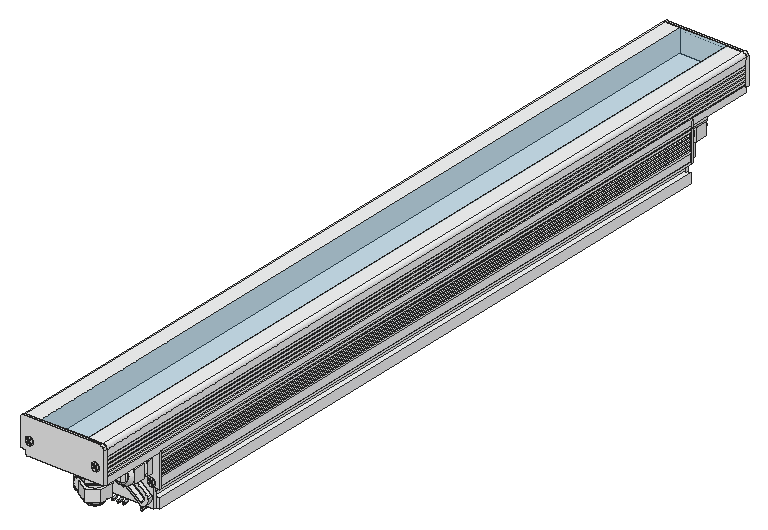
Revit family "ALS600T-AD-4RF", category Lighting Fixtures, Revit 2017
Family settings
  Round Connector Dimension = Use Diameter
  Part Type = Normal
  OmniClass Number = 23.80.70.00
  OmniClass Title = Lighting
  Work Plane-Based = Yes
  Always vertical = Yes
  Cut with Voids When Loaded = No
  Light Source = Yes
  Shared = No
  Room Calculation Point = No
Parameters (values of type "ALS600T-AD")
  Wattage = 9.2903 W
  built-in parameter 1150110 = 1 (stored number, unit not read)
  built-in parameter 1114217 = 1 (stored number, unit not read)
  Tilt Angle = 60.00°
  built-in parameter 1150109 = 1 (stored number, unit not read)
  built-in parameter 1150134 = 3
  built-in parameter 1150113 = 1 (stored number, unit not read)
  Photometric Web File = "generic"
  built-in parameter 1150142 = (empty or 0)
  built-in parameter 1150105 = 109.82 (stored number, unit not read)
  Lumens = 1380 lm
  built-in parameter 1150115 = 1 (stored number, unit not read)
  built-in parameter 1150137 = (empty or 0)
  built-in parameter 1150139 = (empty or 0)
  Length = 24.00"
  built-in parameter 1150112 = 1 (stored number, unit not read)
  built-in parameter 1150114 = 1 (stored number, unit not read)
  built-in parameter 1150132 = (empty or 0)
  built-in parameter 1150102 = (empty or 0)
  built-in parameter 1150107 = 3200 (stored number, unit not read)
  built-in parameter 1150138 = (empty or 0)
  built-in parameter 1150106 = 1.0982 (stored number, unit not read)
  Fixture Cap = Fixture Cap
  Fixture = Fixture
  Emit from Line Length = Length  # 24.00"
  built-in parameter 1150104 = 13.8 (stored number, unit not read)
  Dimming Lamp Color Temperature Shift = <None>
  Default Elevation = 48.00"
  Color Filter = 16777215
  built-in parameter 1114218 = 1 (stored number, unit not read)
  built-in parameter 1150133 = 10 (stored number, unit not read)
Reference planes (in)
  plane 1 "Light Source Axis (F/B)": y = 0
  plane 2: z = 0
  plane 3 "Light Source Axis (L/R)": x = 0
  plane 4 "Light Source Elevation": z = 80
  plane 5: y = 12
  plane 6: y = -12
  plane 7: y = 12.08062
  plane 8: y = -12.08062
  plane 9: y = 10.00382
  plane 10: y = -10.00382
  plane 11: y = -12.08063
  plane 12: y = 12.08063
  plane 13: y = -12.08063
Forms (in)
  Extrusion 1, solid, material "Fixture Cap" <- "Fixture Cap"
    sketch origin (-1.93945, -5.61414, -0.70206) x (1, 0, 0) y (0, 0, -1)
      loop
        line (4.45945, -2.27206) -> (2.17116, -2.27206)
        arc (2.17116, -2.27206) -> (2.12786, -2.29) -> (2.10992, -2.3333) r 0.06125
        line (2.10992, -2.3333) -> (2.10992, -2.43072) -> (1.93945, -2.43072) -> (1.93945, -3.22491)
        arc (1.93945, -3.22491) -> (1.97084, -3.30068) -> (2.0466, -3.33206) r 0.10715
        line (2.0466, -3.33206) -> (4.34703, -3.33206)
        arc (4.34703, -3.33206) -> (4.42653, -3.29913) -> (4.45945, -3.21964) r 0.11242
        line (4.45945, -3.21964) -> (4.45945, -2.27206)
    from -6.38586 to -6.46648
  Extrusion 2, solid, material "Fixture" <- "Fixture"
    sketch origin (-1.34079, -5.61414, -0.98122) x (1, 0, 0) y (0, 0, -1)
      loop
        line (1.44794, -3.61122) -> (1.88285, -3.61122) -> (1.88285, -2.92221) -> (3.32128, -2.92221) -> (3.32128, -3.61122) -> (3.74837, -3.61122)
        arc (3.74837, -3.61122) -> (3.82786, -3.57829) -> (3.86079, -3.4988) r 0.11242
        line (3.86079, -3.4988) -> (3.86079, -3.3122) -> (3.82706, -3.3122) -> (3.82706, -3.2622) -> (3.86079, -3.2622) -> (3.86079, -3.20811) -> (3.82706, -3.20811) -> (3.82706, -3.15811) -> (3.86079, -3.15811) -> (3.86079, -3.10401) -> (3.82706, -3.10401) -> (3.82706, -3.05401) -> (3.86079, -3.05401) -> (3.86079, -2.99992) -> (3.82706, -2.99992) -> (3.82706, -2.94992) -> (3.86079, -2.94992) -> (3.86079, -2.89582) -> (3.82706, -2.89582) -> (3.82706, -2.84582) -> (3.86079, -2.84582) -> (3.86079, -2.79173) -> (3.82706, -2.79173) -> (3.82706, -2.74173) -> (3.86079, -2.74173) -> (3.86079, -2.55122) -> (1.5725, -2.55122)
        arc (1.5725, -2.55122) -> (1.52919, -2.56916) -> (1.51125, -2.61247) r 0.06125
        line (1.51125, -2.61247) -> (1.51125, -2.70989) -> (1.34079, -2.70989) -> (1.34079, -2.74173) -> (1.37451, -2.74173) -> (1.37451, -2.79173) -> (1.34079, -2.79173) -> (1.34079, -2.84582) -> (1.37451, -2.84582) -> (1.37451, -2.89582) -> (1.34079, -2.89582) -> (1.34079, -2.94992) -> (1.37451, -2.94992) -> (1.37451, -2.99992) -> (1.34079, -2.99992) -> (1.34079, -3.05401) -> (1.37451, -3.05401) -> (1.37451, -3.10401) -> (1.34079, -3.10401) -> (1.34079, -3.15811) -> (1.37451, -3.15811) -> (1.37451, -3.20811) -> (1.34079, -3.20811) -> (1.34079, -3.2622) -> (1.37451, -3.2622) -> (1.37451, -3.3122) -> (1.34079, -3.3122) -> (1.34079, -3.50407)
        arc (1.34079, -3.50407) -> (1.37217, -3.57984) -> (1.44794, -3.61122) r 0.10715
    from 17.61414 to -6.38586
  Extrusion 3, solid, material "Fixture Cap" <- "Fixture Cap"
    sketch origin (-1.34079, -5.61414, -2.44308) x (1, 0, 0) y (0, 0, -1)
      loop
        line (3.70079, -2.44308) -> (1.50079, -2.44308) -> (1.50079, -3.00999) -> (1.34079, -3.00999) -> (1.34079, -4.17175) -> (1.51125, -4.17175) -> (1.51125, -4.07433)
        arc (1.51125, -4.07433) -> (1.52919, -4.03102) -> (1.5725, -4.01308) r 0.06125
        line (1.5725, -4.01308) -> (3.86079, -4.01308) -> (3.86079, -3.00999) -> (3.70079, -3.00999) -> (3.70079, -2.44308)
    from -4.33638 to -4.38968
  Extrusion 4, solid, material "Fixture" <- "Fixture"
    sketch origin (-1.34079, -5.61414, -2.23122) x (1, 0, 0) y (0, 0, -1)
      loop
        line (1.50079, -2.23122) -> (1.50079, -2.52699) -> (1.55396, -2.52699) -> (1.55396, -2.68122) -> (1.49852, -2.68122) -> (1.49852, -2.79813) -> (1.34079, -2.79813) -> (1.34079, -2.83813) -> (1.38899, -2.83813) -> (1.38899, -3.09813) -> (1.34079, -3.09813) -> (1.34079, -3.13813) -> (1.38899, -3.13813) -> (1.38899, -3.20813) -> (1.34079, -3.20813) -> (1.34079, -3.24813) -> (1.38899, -3.24813) -> (1.38899, -3.31813) -> (1.34079, -3.31813) -> (1.34079, -3.35813) -> (1.38899, -3.35813) -> (1.38899, -3.42813) -> (1.34079, -3.42813) -> (1.34079, -3.47104) -> (1.38899, -3.47104) -> (1.38899, -3.54104) -> (1.34079, -3.54104) -> (1.34079, -3.58552) -> (1.38899, -3.58552) -> (1.38899, -3.65552) -> (1.34079, -3.65552) -> (1.34079, -3.69552) -> (1.38899, -3.69552) -> (1.38899, -3.80122) -> (1.34079, -3.80122) -> (1.34079, -3.95989) -> (1.51125, -3.95989) -> (1.51125, -3.86247)
        arc (1.51125, -3.86247) -> (1.52919, -3.81916) -> (1.5725, -3.80122) r 0.06125
        line (1.5725, -3.80122) -> (3.86079, -3.80122) -> (3.86079, -3.76261) -> (3.81259, -3.76261) -> (3.81259, -3.69261) -> (3.86079, -3.69261) -> (3.86079, -3.65261) -> (3.81259, -3.65261) -> (3.81259, -3.58261) -> (3.86079, -3.58261) -> (3.86079, -3.53813) -> (3.81259, -3.53813) -> (3.81259, -3.46813) -> (3.86079, -3.46813) -> (3.86079, -3.42813) -> (3.81259, -3.42813) -> (3.81259, -3.35813) -> (3.86079, -3.35813) -> (3.86079, -3.31813) -> (3.81259, -3.31813) -> (3.81259, -3.24813) -> (3.86079, -3.24813) -> (3.86079, -3.20813) -> (3.81259, -3.20813) -> (3.81259, -3.13813) -> (3.86079, -3.13813) -> (3.86079, -3.09813) -> (3.81259, -3.09813) -> (3.81259, -2.83813) -> (3.86079, -2.83813) -> (3.86079, -2.79813) -> (3.70305, -2.79813) -> (3.70305, -2.68122) -> (3.64761, -2.68122) -> (3.64761, -2.52699) -> (3.82706, -2.52699) -> (3.82706, -2.23122) -> (1.50079, -2.23122)
    from 15.56414 to -4.33638
  Extrusion 5, solid, material "Fixture Cap" <- "Fixture Cap"
    sketch origin (3.32368, -0.05314, 14.37879) x (0.992263, -0.124157, 0) y (0.124157, 0.992263, 0)
      loop
        line (0.35367, -11.80294) -> (0.30685, -11.42158) -> (-0.04682, -11.27146) -> (-0.35367, -11.50269) -> (-0.30685, -11.88404) -> (0.04682, -12.03416) -> (0.35367, -11.80294)
    from -13.48897 to -13.13897
  Extrusion 6, solid, material "Fixture Cap" <- "Fixture Cap"
    sketch origin (3.32368, -0.05314, 0.5) x (0.992263, -0.124157, 0) y (0.124157, 0.992263, 0)
      loop
        line (0.35367, -11.80294) -> (0.30685, -11.42158) -> (-0.04682, -11.27146) -> (-0.35367, -11.50269) -> (-0.30685, -11.88404) -> (0.04682, -12.03416) -> (0.35367, -11.80294)
    from 0.89114 to 1.03699
  Revolve 7, solid, material "Fixture Cap" <- "Fixture Cap"
    sketch origin (1.87586, 0.04116, 0) x (0, 1, 0) y (0, 0, 1)
      loop
        line (-11.65625, 1.57) -> (-11.96836, 1.57)
        arc (-11.96836, 1.57) -> (-11.9653, 1.55134) -> (-11.95297, 1.53699) r 0.03501
        line (-11.95297, 1.53699) -> (-11.65625, 1.53699) -> (-11.65625, 1.57)
      loop
        arc (-11.98625, 1.39114) -> (-11.93234, 1.3772) -> (-11.87676, 1.37376) r 0.29147
        arc (-11.87676, 1.37376) -> (-11.89505, 1.36674) -> (-11.91028, 1.3544) r 0.06261
        line (-11.91028, 1.3544) -> (-11.91028, 1.32108)
        arc (-11.91028, 1.32108) -> (-11.89505, 1.30875) -> (-11.87676, 1.30173) r 0.06261
        arc (-11.87676, 1.30173) -> (-11.89505, 1.2947) -> (-11.91028, 1.28237) r 0.06261
        line (-11.91028, 1.28237) -> (-11.91028, 1.23982) -> (-11.65625, 1.23982) -> (-11.65625, 1.39114) -> (-11.98625, 1.39114)
      loop
        line (-11.65625, 0.73699) -> (-11.65625, 0.88982) -> (-11.98625, 0.88982) -> (-11.885, 0.78857) -> (-11.885, 0.75664)
        arc (-11.885, 0.75664) -> (-11.87925, 0.74275) -> (-11.86535, 0.73699) r 0.01965
        line (-11.86535, 0.73699) -> (-11.65625, 0.73699)
      axis (-11.65625, 1.57) -> (-11.65625, 0.73699)
    angle from 0 to 360
  Extrusion 8, solid, material "Fixture Cap" <- "Fixture Cap", not visible
    sketch origin (2.82368, -0.05314, 14.37879) x (0.992263, -0.124157, 0) y (0.124157, 0.992263, 0)
      loop
        line (0.35367, -11.80294) -> (0.30685, -11.42158) -> (-0.04682, -11.27146) -> (-0.35367, -11.50269) -> (-0.30685, -11.88404) -> (0.04682, -12.03416) -> (0.35367, -11.80294)
    from -13.48897 to -13.13897
  Extrusion 9, solid, material "Fixture Cap" <- "Fixture Cap", not visible
    sketch origin (2.82368, -0.05314, 0.5) x (0.992263, -0.124157, 0) y (0.124157, 0.992263, 0)
      loop
        line (0.35367, -11.80294) -> (0.30685, -11.42158) -> (-0.04682, -11.27146) -> (-0.35367, -11.50269) -> (-0.30685, -11.88404) -> (0.04682, -12.03416) -> (0.35367, -11.80294)
    from 0.89114 to 1.03699
  Revolve 10, solid, material "Fixture Cap" <- "Fixture Cap", not visible
    sketch origin (1.37586, 0.04116, 0) x (0, 1, 0) y (0, 0, 1)
      loop
        line (-11.65625, 1.57) -> (-11.96836, 1.57)
        arc (-11.96836, 1.57) -> (-11.9653, 1.55134) -> (-11.95297, 1.53699) r 0.03501
        line (-11.95297, 1.53699) -> (-11.65625, 1.53699) -> (-11.65625, 1.57)
      loop
        arc (-11.98625, 1.39114) -> (-11.93234, 1.3772) -> (-11.87676, 1.37376) r 0.29147
        arc (-11.87676, 1.37376) -> (-11.89505, 1.36674) -> (-11.91028, 1.3544) r 0.06261
        line (-11.91028, 1.3544) -> (-11.91028, 1.32108)
        arc (-11.91028, 1.32108) -> (-11.89505, 1.30875) -> (-11.87676, 1.30173) r 0.06261
        arc (-11.87676, 1.30173) -> (-11.89505, 1.2947) -> (-11.91028, 1.28237) r 0.06261
        line (-11.91028, 1.28237) -> (-11.91028, 1.23982) -> (-11.65625, 1.23982) -> (-11.65625, 1.39114) -> (-11.98625, 1.39114)
      loop
        line (-11.65625, 0.73699) -> (-11.65625, 0.88982) -> (-11.98625, 0.88982) -> (-11.885, 0.78857) -> (-11.885, 0.75664)
        arc (-11.885, 0.75664) -> (-11.87925, 0.74275) -> (-11.86535, 0.73699) r 0.01965
        line (-11.86535, 0.73699) -> (-11.65625, 0.73699)
      axis (-11.65625, 1.57) -> (-11.65625, 0.73699)
    angle from 0 to 360
  Extrusion 11, solid, material "Fixture Cap" <- "Fixture Cap"
    sketch origin (0, 0, 0) x (1, 0, 0) y (0, 0, 1)
      loop
        arc (0.17046, 1.66319) -> (0.05923, 1.65903) -> (0, 1.56477) r 0.11912
        line (0, 1.56477) -> (0, 1.4901)
        arc (0, 1.4901) -> (0.14626, 1.39146) -> (0.24596, 1.53699) r 0.1252
        line (0.24596, 1.53699) -> (1.06129, 1.53699) -> (1.06129, 1.57) -> (0.23171, 1.57)
        arc (0.23171, 1.57) -> (0.1884, 1.58794) -> (0.17046, 1.63125) r 0.06125
        line (0.17046, 1.63125) -> (0.17046, 1.66319)
    from 10.00382 to 10.33452
  Extrusion 12, solid, material "Fixture Cap" <- "Fixture Cap"
    sketch origin (2.26118, 2.80445, -11.12253) x (0.992263, 0, 0.124157) y (0.124157, 0, -0.992263)
      loop
        line (0.35367, -11.80294) -> (0.30685, -11.42158) -> (-0.04682, -11.27146) -> (-0.35367, -11.50269) -> (-0.30685, -11.88404) -> (0.04682, -12.03416) -> (0.35367, -11.80294)
    from -13.48897 to -13.13897
  Extrusion 13, solid, material "Fixture Cap" <- "Fixture Cap"
    sketch origin (2.26118, -11.07434, -11.12253) x (0.992263, 0, 0.124157) y (0.124157, 0, -0.992263)
      loop
        line (0.35367, -11.80294) -> (0.30685, -11.42158) -> (-0.04682, -11.27146) -> (-0.35367, -11.50269) -> (-0.30685, -11.88404) -> (0.04682, -12.03416) -> (0.35367, -11.80294)
    from 0.89114 to 1.03699
  Revolve 14, solid, material "Fixture Cap" <- "Fixture Cap"
    sketch origin (0.81336, -11.57434, -11.21683) x (0, 0, -1) y (0, 1, 0)
      loop
        line (-11.65625, 1.57) -> (-11.96836, 1.57)
        arc (-11.96836, 1.57) -> (-11.9653, 1.55134) -> (-11.95297, 1.53699) r 0.03501
        line (-11.95297, 1.53699) -> (-11.65625, 1.53699) -> (-11.65625, 1.57)
      loop
        arc (-11.98625, 1.39114) -> (-11.93234, 1.3772) -> (-11.87676, 1.37376) r 0.29147
        arc (-11.87676, 1.37376) -> (-11.89505, 1.36674) -> (-11.91028, 1.3544) r 0.06261
        line (-11.91028, 1.3544) -> (-11.91028, 1.32108)
        arc (-11.91028, 1.32108) -> (-11.89505, 1.30875) -> (-11.87676, 1.30173) r 0.06261
        arc (-11.87676, 1.30173) -> (-11.89505, 1.2947) -> (-11.91028, 1.28237) r 0.06261
        line (-11.91028, 1.28237) -> (-11.91028, 1.23982) -> (-11.65625, 1.23982) -> (-11.65625, 1.39114) -> (-11.98625, 1.39114)
      loop
        line (-11.65625, 0.73699) -> (-11.65625, 0.88982) -> (-11.98625, 0.88982) -> (-11.885, 0.78857) -> (-11.885, 0.75664)
        arc (-11.885, 0.75664) -> (-11.87925, 0.74275) -> (-11.86535, 0.73699) r 0.01965
        line (-11.86535, 0.73699) -> (-11.65625, 0.73699)
      axis (-11.65625, 1.57) -> (-11.65625, 0.73699)
    angle from 0 to 360
  Extrusion 15, solid, material "Fixture Cap" <- "Fixture Cap"
    sketch origin (1.92414, 2.75648, -10.43795) x (0.992263, 0, 0.124157) y (0.124157, 0, -0.992263)
      loop
        line (0.35367, -11.80294) -> (0.30685, -11.42158) -> (-0.04682, -11.27146) -> (-0.35367, -11.50269) -> (-0.30685, -11.88404) -> (0.04682, -12.03416) -> (0.35367, -11.80294)
    from -13.48897 to -13.13897
  Extrusion 16, solid, material "Fixture Cap" <- "Fixture Cap"
    sketch origin (1.92414, -11.12231, -10.43795) x (0.992263, 0, 0.124157) y (0.124157, 0, -0.992263)
      loop
        line (0.35367, -11.80294) -> (0.30685, -11.42158) -> (-0.04682, -11.27146) -> (-0.35367, -11.50269) -> (-0.30685, -11.88404) -> (0.04682, -12.03416) -> (0.35367, -11.80294)
    from 0.89114 to 1.03699
  Revolve 17, solid, material "Fixture Cap" <- "Fixture Cap"
    sketch origin (0.47632, -11.62231, -10.53224) x (0, 0, -1) y (0, 1, 0)
      loop
        line (-11.65625, 1.57) -> (-11.96836, 1.57)
        arc (-11.96836, 1.57) -> (-11.9653, 1.55134) -> (-11.95297, 1.53699) r 0.03501
        line (-11.95297, 1.53699) -> (-11.65625, 1.53699) -> (-11.65625, 1.57)
      loop
        arc (-11.98625, 1.39114) -> (-11.93234, 1.3772) -> (-11.87676, 1.37376) r 0.29147
        arc (-11.87676, 1.37376) -> (-11.89505, 1.36674) -> (-11.91028, 1.3544) r 0.06261
        line (-11.91028, 1.3544) -> (-11.91028, 1.32108)
        arc (-11.91028, 1.32108) -> (-11.89505, 1.30875) -> (-11.87676, 1.30173) r 0.06261
        arc (-11.87676, 1.30173) -> (-11.89505, 1.2947) -> (-11.91028, 1.28237) r 0.06261
        line (-11.91028, 1.28237) -> (-11.91028, 1.23982) -> (-11.65625, 1.23982) -> (-11.65625, 1.39114) -> (-11.98625, 1.39114)
      loop
        line (-11.65625, 0.73699) -> (-11.65625, 0.88982) -> (-11.98625, 0.88982) -> (-11.885, 0.78857) -> (-11.885, 0.75664)
        arc (-11.885, 0.75664) -> (-11.87925, 0.74275) -> (-11.86535, 0.73699) r 0.01965
        line (-11.86535, 0.73699) -> (-11.65625, 0.73699)
      axis (-11.65625, 1.57) -> (-11.65625, 0.73699)
    angle from 0 to 360
  Extrusion 18, solid, material "Fixture Cap" <- "Fixture Cap"
    sketch origin (0, 0, 0) x (1, 0, 0) y (0, 0, 1)
      loop
        arc (1.14151, 1.50452) -> (1.07455, 1.53392) -> (1.00195, 1.52513) r 0.13857
        arc (1.00195, 1.52513) -> (0.90722, 1.45276) -> (0.86206, 1.34243) r 0.22764
        arc (0.86206, 1.34243) -> (0.87048, 1.27794) -> (0.90914, 1.22565) r 0.1297
        line (0.90914, 1.22565) -> (2.17525, 0.20038)
        arc (2.17525, 0.20038) -> (2.20644, 0.18238) -> (2.24166, 0.17494) r 0.11481
        line (2.24166, 0.17494) -> (2.27594, 0.13261) -> (2.27703, 0.17865)
        arc (2.27703, 0.17865) -> (2.40611, 0.26958) -> (2.44515, 0.42256) r 0.22797
        arc (2.44515, 0.42256) -> (2.4371, 0.44854) -> (2.41972, 0.46945) r 0.06962
        line (2.41972, 0.46945) -> (1.14151, 1.50452)
      loop
        arc (2.21627, 0.28297) -> (2.24785, 0.26992) -> (2.28144, 0.27623) r 0.06
        arc (2.28144, 0.27623) -> (2.32403, 0.3102) -> (2.35016, 0.35801) r 0.13797
        arc (2.35016, 0.35801) -> (2.35029, 0.39565) -> (2.32927, 0.42689) r 0.06414
        line (2.32927, 0.42689) -> (1.09286, 1.42811)
        arc (1.09286, 1.42811) -> (1.05744, 1.44233) -> (1.02015, 1.43415) r 0.0648
        arc (1.02015, 1.43415) -> (0.97773, 1.39679) -> (0.95389, 1.34553) r 0.13764
        arc (0.95389, 1.34553) -> (0.95547, 1.31485) -> (0.97308, 1.28968) r 0.05565
        line (0.97308, 1.28968) -> (2.21627, 0.28297)
    from 10.20058 to 10.33452
  Extrusion 19, solid, material "Fixture Cap" <- "Fixture Cap"
    sketch origin (3.42414, 2.80497, -10.43795) x (0.992263, 0, 0.124157) y (0.124157, 0, -0.992263)
      loop
        line (0.35367, -11.80294) -> (0.30685, -11.42158) -> (-0.04682, -11.27146) -> (-0.35367, -11.50269) -> (-0.30685, -11.88404) -> (0.04682, -12.03416) -> (0.35367, -11.80294)
    from -13.48897 to -13.13897
  Extrusion 20, solid, material "Fixture Cap" <- "Fixture Cap"
    sketch origin (3.42414, -11.07382, -10.43795) x (0.992263, 0, 0.124157) y (0.124157, 0, -0.992263)
      loop
        line (0.35367, -11.80294) -> (0.30685, -11.42158) -> (-0.04682, -11.27146) -> (-0.35367, -11.50269) -> (-0.30685, -11.88404) -> (0.04682, -12.03416) -> (0.35367, -11.80294)
    from 0.89114 to 1.03699
  Revolve 21, solid, material "Fixture Cap" <- "Fixture Cap"
    sketch origin (1.97632, -11.57382, -10.53224) x (0, 0, -1) y (0, 1, 0)
      loop
        line (-11.65625, 1.57) -> (-11.96836, 1.57)
        arc (-11.96836, 1.57) -> (-11.9653, 1.55134) -> (-11.95297, 1.53699) r 0.03501
        line (-11.95297, 1.53699) -> (-11.65625, 1.53699) -> (-11.65625, 1.57)
      loop
        arc (-11.98625, 1.39114) -> (-11.93234, 1.3772) -> (-11.87676, 1.37376) r 0.29147
        arc (-11.87676, 1.37376) -> (-11.89505, 1.36674) -> (-11.91028, 1.3544) r 0.06261
        line (-11.91028, 1.3544) -> (-11.91028, 1.32108)
        arc (-11.91028, 1.32108) -> (-11.89505, 1.30875) -> (-11.87676, 1.30173) r 0.06261
        arc (-11.87676, 1.30173) -> (-11.89505, 1.2947) -> (-11.91028, 1.28237) r 0.06261
        line (-11.91028, 1.28237) -> (-11.91028, 1.23982) -> (-11.65625, 1.23982) -> (-11.65625, 1.39114) -> (-11.98625, 1.39114)
      loop
        line (-11.65625, 0.73699) -> (-11.65625, 0.88982) -> (-11.98625, 0.88982) -> (-11.885, 0.78857) -> (-11.885, 0.75664)
        arc (-11.885, 0.75664) -> (-11.87925, 0.74275) -> (-11.86535, 0.73699) r 0.01965
        line (-11.86535, 0.73699) -> (-11.65625, 0.73699)
      axis (-11.65625, 1.57) -> (-11.65625, 0.73699)
    angle from 0 to 360
  Revolve 22, solid, material "Fixture Cap" <- "Fixture Cap"
    sketch origin (-0.02137, 0.0037, 1.06933) x (1, 0, 0) y (0, 1, 0)
      loop
        line (1.37586, -10.00382) -> (1.37586, -11.00382)
        arc (1.37586, -11.00382) -> (1.52201, -11.01021) -> (1.66198, -10.96768) r 0.43398
        arc (1.66198, -10.96768) -> (1.66734, -10.9471) -> (1.66198, -10.92653) r 0.04216
        arc (1.66198, -10.92653) -> (1.602, -10.77742) -> (1.58156, -10.61801) r 0.63207
        line (1.58156, -10.61801) -> (1.58156, -10.334) -> (1.47989, -10.334) -> (1.47989, -10.20428)
        arc (1.47989, -10.20428) -> (1.48546, -10.18683) -> (1.4786, -10.16984) r 0.02697
        arc (1.4786, -10.16984) -> (1.48546, -10.15285) -> (1.47989, -10.1354) r 0.02697
        arc (1.47989, -10.1354) -> (1.48548, -10.11895) -> (1.47989, -10.1025) r 0.02697
        arc (1.47989, -10.1025) -> (1.48548, -10.08606) -> (1.47989, -10.06961) r 0.02697
        arc (1.47989, -10.06961) -> (1.48548, -10.05316) -> (1.47989, -10.03672) r 0.02697
        arc (1.47989, -10.03672) -> (1.48548, -10.02027) -> (1.47989, -10.00382) r 0.02697
        line (1.47989, -10.00382) -> (1.37586, -10.00382)
      axis (1.37586, -10.00382) -> (1.37586, -11.00382)
    angle from 0 to 360
  Extrusion 23, solid, material "Fixture Cap" <- "Fixture Cap"
    sketch origin (0, 0, 0) x (1, 0, 0) y (0, 0, 1)
      loop
        line (1.06129, 1.57) -> (1.06129, 1.53503) -> (1.29265, 1.53503) -> (1.29265, 1.57) -> (1.06129, 1.57)
      loop
        line (1.51092, 1.57) -> (1.51092, 1.53699) -> (1.72749, 1.53699) -> (1.72749, 1.57) -> (1.51092, 1.57)
    from 10.00382 to 10.38248
  Extrusion 24, solid, material "Fixture Cap" <- "Fixture Cap"
    sketch origin (0, 0.4375, 0) x (1, 0, 0) y (0, 1, 0)
      loop
        circle (1.17753, -11.25427) r 0.11625
      loop
        line (1.12751, -11.17355) -> (1.10007, -11.1954) -> (1.14693, -11.25427) -> (1.10007, -11.31314) -> (1.12751, -11.33499) -> (1.17753, -11.27216) -> (1.22754, -11.33499) -> (1.25499, -11.31314) -> (1.20813, -11.25427) -> (1.25499, -11.1954) -> (1.22754, -11.17355) -> (1.17753, -11.23638) -> (1.12751, -11.17355)
    from 1.4643 to 1.57
  Extrusion 25, solid, material "Fixture Cap" <- "Fixture Cap"
    sketch origin (1.44491, -13.53482, 13.24212) x (-1, 0, 0) y (0, 0, 1)
      loop
        circle (1.17753, -11.25427) r 0.11625
      loop
        line (1.12751, -11.17355) -> (1.10007, -11.1954) -> (1.14693, -11.25427) -> (1.10007, -11.31314) -> (1.12751, -11.33499) -> (1.17753, -11.27216) -> (1.22754, -11.33499) -> (1.25499, -11.31314) -> (1.20813, -11.25427) -> (1.25499, -11.1954) -> (1.22754, -11.17355) -> (1.17753, -11.23638) -> (1.12751, -11.17355)
    from 1.4542 to 1.5343
  Extrusion 26, solid, material "Fixture Cap" <- "Fixture Cap"
    sketch origin (1.42321, -12.31607, 11.93355) x (-1, 0, 0) y (0, 0, 1)
      loop
        circle (1.17753, -11.25427) r 0.11625
      loop
        line (1.12751, -11.17355) -> (1.10007, -11.1954) -> (1.14693, -11.25427) -> (1.10007, -11.31314) -> (1.12751, -11.33499) -> (1.17753, -11.27216) -> (1.22754, -11.33499) -> (1.25499, -11.31314) -> (1.20813, -11.25427) -> (1.25499, -11.1954) -> (1.22754, -11.17355) -> (1.17753, -11.23638) -> (1.12751, -11.17355)
    from 2.36555 to 2.31225
  Extrusion 27, solid, material "Fixture Cap" <- "Fixture Cap"
    sketch origin (1.06982, -12.31607, 13.24212) x (1, 0, 0) y (0, 0, -1)
      loop
        circle (1.17753, 11.25427) r 0.11625
      loop
        line (1.12751, 11.17355) -> (1.17753, 11.23638) -> (1.22754, 11.17355) -> (1.25499, 11.1954) -> (1.20813, 11.25427) -> (1.25499, 11.31314) -> (1.22754, 11.33499) -> (1.17753, 11.27216) -> (1.12751, 11.33499) -> (1.10007, 11.31314) -> (1.14693, 11.25427) -> (1.10007, 11.1954) -> (1.12751, 11.17355)
    from 0.23545 to 0.31607
  Extrusion 28, solid, material "Fixture Cap" <- "Fixture Cap"
    sketch origin (1.09152, -12.31607, 11.93355) x (1, 0, 0) y (0, 0, -1)
      loop
        circle (1.17753, 11.25427) r 0.11625
      loop
        line (1.12751, 11.17355) -> (1.17753, 11.23638) -> (1.22754, 11.17355) -> (1.25499, 11.1954) -> (1.20813, 11.25427) -> (1.25499, 11.31314) -> (1.22754, 11.33499) -> (1.17753, 11.27216) -> (1.12751, 11.33499) -> (1.10007, 11.31314) -> (1.14693, 11.25427) -> (1.10007, 11.1954) -> (1.12751, 11.17355)
    from 2.31225 to 2.36555
  Extrusion 29, solid, material "Fixture Cap" <- "Fixture Cap"
    sketch origin (0, 0, 0) x (1, 0, 0) y (0, 0, 1)
      loop
        circle (2.25157, 0.08671) r 0.03149
    from 10.20058 to 10.33452
  Extrusion 30, solid, material "Fixture Cap" <- "Fixture Cap"
    sketch origin (-1.03279, 0, 0.48503) x (1, 0, 0) y (0, 0, 1)
      loop
        circle (2.25157, 0.08671) r 0.03149
    from 10.20058 to 10.33452
  Extrusion 31, solid, material "Fixture Cap" <- "Fixture Cap"
    sketch origin (-1.00935, 0, 0.61594) x (1, 0, 0) y (0, 0, 1)
      loop
        circle (2.25157, 0.08671) r 0.03149
    from 10.20058 to 10.38248
  Extrusion 32, solid, material "Fixture Cap" <- "Fixture Cap"
    sketch origin (-0.95447, 0, 0.67082) x (1, 0, 0) y (0, 0, 1)
      loop
        circle (2.25157, 0.08671) r 0.03149
    from 10.20058 to 10.38248
  Extrusion 33, solid, material "Fixture Cap" <- "Fixture Cap", not visible
    sketch origin (-1.93945, -5.61414, -0.70206) x (1, 0, 0) y (0, 0, -1)
      loop
        line (4.45945, -2.27206) -> (2.17116, -2.27206)
        arc (2.17116, -2.27206) -> (2.12786, -2.29) -> (2.10992, -2.3333) r 0.06125
        line (2.10992, -2.3333) -> (2.10992, -2.43072) -> (1.93945, -2.43072) -> (1.93945, -3.22491)
        arc (1.93945, -3.22491) -> (1.97084, -3.30068) -> (2.0466, -3.33206) r 0.10715
        line (2.0466, -3.33206) -> (4.34703, -3.33206)
        arc (4.34703, -3.33206) -> (4.42653, -3.29913) -> (4.45945, -3.21964) r 0.11242
        line (4.45945, -3.21964) -> (4.45945, -2.27206)
    from -6.38586 to -6.46648
  Extrusion 34, solid, material "Fixture Cap" <- "Fixture Cap", not visible
    sketch origin (-1.34079, -5.61414, -2.44308) x (1, 0, 0) y (0, 0, -1)
      loop
        line (3.70079, -2.44308) -> (1.50079, -2.44308) -> (1.50079, -3.00999) -> (1.34079, -3.00999) -> (1.34079, -4.17175) -> (1.51125, -4.17175) -> (1.51125, -4.07433)
        arc (1.51125, -4.07433) -> (1.52919, -4.03102) -> (1.5725, -4.01308) r 0.06125
        line (1.5725, -4.01308) -> (3.86079, -4.01308) -> (3.86079, -3.00999) -> (3.70079, -3.00999) -> (3.70079, -2.44308)
    from -4.33586 to -4.38968
  Extrusion 35, solid, material "Fixture Cap" <- "Fixture Cap", not visible
    sketch origin (3.32368, -0.05314, 14.37879) x (0.992263, -0.124157, 0) y (0.124157, 0.992263, 0)
      loop
        line (0.35367, -11.80294) -> (0.30685, -11.42158) -> (-0.04682, -11.27146) -> (-0.35367, -11.50269) -> (-0.30685, -11.88404) -> (0.04682, -12.03416) -> (0.35367, -11.80294)
    from -13.48897 to -13.13897
  Extrusion 36, solid, material "Fixture Cap" <- "Fixture Cap", not visible
    sketch origin (3.32368, -0.05314, 0.5) x (0.992263, -0.124157, 0) y (0.124157, 0.992263, 0)
      loop
        line (0.35367, -11.80294) -> (0.30685, -11.42158) -> (-0.04682, -11.27146) -> (-0.35367, -11.50269) -> (-0.30685, -11.88404) -> (0.04682, -12.03416) -> (0.35367, -11.80294)
    from 0.89114 to 1.03699
  Revolve 37, solid, material "Fixture Cap" <- "Fixture Cap", not visible
    sketch origin (1.87586, 0.04116, 0) x (0, 1, 0) y (0, 0, 1)
      loop
        line (-11.65625, 1.57) -> (-11.96836, 1.57)
        arc (-11.96836, 1.57) -> (-11.9653, 1.55134) -> (-11.95297, 1.53699) r 0.03501
        line (-11.95297, 1.53699) -> (-11.65625, 1.53699) -> (-11.65625, 1.57)
      loop
        arc (-11.98625, 1.39114) -> (-11.93234, 1.3772) -> (-11.87676, 1.37376) r 0.29147
        arc (-11.87676, 1.37376) -> (-11.89505, 1.36674) -> (-11.91028, 1.3544) r 0.06261
        line (-11.91028, 1.3544) -> (-11.91028, 1.32108)
        arc (-11.91028, 1.32108) -> (-11.89505, 1.30875) -> (-11.87676, 1.30173) r 0.06261
        arc (-11.87676, 1.30173) -> (-11.89505, 1.2947) -> (-11.91028, 1.28237) r 0.06261
        line (-11.91028, 1.28237) -> (-11.91028, 1.23982) -> (-11.65625, 1.23982) -> (-11.65625, 1.39114) -> (-11.98625, 1.39114)
      loop
        line (-11.65625, 0.73699) -> (-11.65625, 0.88982) -> (-11.98625, 0.88982) -> (-11.885, 0.78857) -> (-11.885, 0.75664)
        arc (-11.885, 0.75664) -> (-11.87925, 0.74275) -> (-11.86535, 0.73699) r 0.01965
        line (-11.86535, 0.73699) -> (-11.65625, 0.73699)
      axis (-11.65625, 1.57) -> (-11.65625, 0.73699)
    angle from 0 to 360
  Extrusion 38, solid, not visible
    sketch origin (0, 0, 0) x (1, 0, 0) y (0, 0, 1)
      loop
        arc (0.17046, 1.66319) -> (0.05923, 1.65903) -> (0, 1.56477) r 0.11912
        line (0, 1.56477) -> (0, 1.4901)
        arc (0, 1.4901) -> (0.14626, 1.39146) -> (0.24596, 1.53699) r 0.1252
        line (0.24596, 1.53699) -> (1.06129, 1.53699) -> (1.06129, 1.57) -> (0.23171, 1.57)
        arc (0.23171, 1.57) -> (0.1884, 1.58794) -> (0.17046, 1.63125) r 0.06125
        line (0.17046, 1.63125) -> (0.17046, 1.66319)
    from 10.00382 to 10.51999
  Extrusion 39, solid, material "Fixture Cap" <- "Fixture Cap", not visible
    sketch origin (2.26118, 2.80497, -11.12253) x (0.992263, 0, 0.124157) y (0.124157, 0, -0.992263)
      loop
        line (0.35367, -11.80294) -> (0.30685, -11.42158) -> (-0.04682, -11.27146) -> (-0.35367, -11.50269) -> (-0.30685, -11.88404) -> (0.04682, -12.03416) -> (0.35367, -11.80294)
    from -13.48897 to -13.13897
  Extrusion 40, solid, material "Fixture Cap" <- "Fixture Cap", not visible
    sketch origin (2.26118, -11.07382, -11.12253) x (0.992263, 0, 0.124157) y (0.124157, 0, -0.992263)
      loop
        line (0.35367, -11.80294) -> (0.30685, -11.42158) -> (-0.04682, -11.27146) -> (-0.35367, -11.50269) -> (-0.30685, -11.88404) -> (0.04682, -12.03416) -> (0.35367, -11.80294)
    from 0.89114 to 1.03699
  Revolve 41, solid, material "Fixture Cap" <- "Fixture Cap", not visible
    sketch origin (0.81336, -11.57382, -11.21683) x (0, 0, -1) y (0, 1, 0)
      loop
        line (-11.65625, 1.57) -> (-11.96836, 1.57)
        arc (-11.96836, 1.57) -> (-11.9653, 1.55134) -> (-11.95297, 1.53699) r 0.03501
        line (-11.95297, 1.53699) -> (-11.65625, 1.53699) -> (-11.65625, 1.57)
      loop
        arc (-11.98625, 1.39114) -> (-11.93234, 1.3772) -> (-11.87676, 1.37376) r 0.29147
        arc (-11.87676, 1.37376) -> (-11.89505, 1.36674) -> (-11.91028, 1.3544) r 0.06261
        line (-11.91028, 1.3544) -> (-11.91028, 1.32108)
        arc (-11.91028, 1.32108) -> (-11.89505, 1.30875) -> (-11.87676, 1.30173) r 0.06261
        arc (-11.87676, 1.30173) -> (-11.89505, 1.2947) -> (-11.91028, 1.28237) r 0.06261
        line (-11.91028, 1.28237) -> (-11.91028, 1.23982) -> (-11.65625, 1.23982) -> (-11.65625, 1.39114) -> (-11.98625, 1.39114)
      loop
        line (-11.65625, 0.73699) -> (-11.65625, 0.88982) -> (-11.98625, 0.88982) -> (-11.885, 0.78857) -> (-11.885, 0.75664)
        arc (-11.885, 0.75664) -> (-11.87925, 0.74275) -> (-11.86535, 0.73699) r 0.01965
        line (-11.86535, 0.73699) -> (-11.65625, 0.73699)
      axis (-11.65625, 1.57) -> (-11.65625, 0.73699)
    angle from 0 to 360
  Extrusion 42, solid, material "Fixture Cap" <- "Fixture Cap", not visible
    sketch origin (1.92414, 2.80497, -10.43795) x (0.992263, 0, 0.124157) y (0.124157, 0, -0.992263)
      loop
        line (0.35367, -11.80294) -> (0.30685, -11.42158) -> (-0.04682, -11.27146) -> (-0.35367, -11.50269) -> (-0.30685, -11.88404) -> (0.04682, -12.03416) -> (0.35367, -11.80294)
    from -13.48897 to -13.13897
  Extrusion 43, solid, material "Fixture Cap" <- "Fixture Cap", not visible
    sketch origin (1.92414, -11.07382, -10.43795) x (0.992263, 0, 0.124157) y (0.124157, 0, -0.992263)
      loop
        line (0.35367, -11.80294) -> (0.30685, -11.42158) -> (-0.04682, -11.27146) -> (-0.35367, -11.50269) -> (-0.30685, -11.88404) -> (0.04682, -12.03416) -> (0.35367, -11.80294)
    from 0.89114 to 1.03699
  Revolve 44, solid, material "Fixture Cap" <- "Fixture Cap", not visible
    sketch origin (0.47632, -11.57382, -10.53224) x (0, 0, -1) y (0, 1, 0)
      loop
        line (-11.65625, 1.57) -> (-11.96836, 1.57)
        arc (-11.96836, 1.57) -> (-11.9653, 1.55134) -> (-11.95297, 1.53699) r 0.03501
        line (-11.95297, 1.53699) -> (-11.65625, 1.53699) -> (-11.65625, 1.57)
      loop
        arc (-11.98625, 1.39114) -> (-11.93234, 1.3772) -> (-11.87676, 1.37376) r 0.29147
        arc (-11.87676, 1.37376) -> (-11.89505, 1.36674) -> (-11.91028, 1.3544) r 0.06261
        line (-11.91028, 1.3544) -> (-11.91028, 1.32108)
        arc (-11.91028, 1.32108) -> (-11.89505, 1.30875) -> (-11.87676, 1.30173) r 0.06261
        arc (-11.87676, 1.30173) -> (-11.89505, 1.2947) -> (-11.91028, 1.28237) r 0.06261
        line (-11.91028, 1.28237) -> (-11.91028, 1.23982) -> (-11.65625, 1.23982) -> (-11.65625, 1.39114) -> (-11.98625, 1.39114)
      loop
        line (-11.65625, 0.73699) -> (-11.65625, 0.88982) -> (-11.98625, 0.88982) -> (-11.885, 0.78857) -> (-11.885, 0.75664)
        arc (-11.885, 0.75664) -> (-11.87925, 0.74275) -> (-11.86535, 0.73699) r 0.01965
        line (-11.86535, 0.73699) -> (-11.65625, 0.73699)
      axis (-11.65625, 1.57) -> (-11.65625, 0.73699)
    angle from 0 to 360
  Extrusion 45, solid, not visible
    sketch origin (0, 0, 0) x (1, 0, 0) y (0, 0, 1)
      loop
        arc (1.14151, 1.50452) -> (1.07455, 1.53392) -> (1.00195, 1.52513) r 0.13857
        arc (1.00195, 1.52513) -> (0.90722, 1.45276) -> (0.86206, 1.34243) r 0.22764
        arc (0.86206, 1.34243) -> (0.87048, 1.27794) -> (0.90914, 1.22565) r 0.1297
        line (0.90914, 1.22565) -> (2.17525, 0.20038)
        arc (2.17525, 0.20038) -> (2.20644, 0.18238) -> (2.24166, 0.17494) r 0.11481
        line (2.24166, 0.17494) -> (2.27594, 0.13261) -> (2.27703, 0.17865)
        arc (2.27703, 0.17865) -> (2.40611, 0.26958) -> (2.44515, 0.42256) r 0.22797
        arc (2.44515, 0.42256) -> (2.4371, 0.44854) -> (2.41972, 0.46945) r 0.06962
        line (2.41972, 0.46945) -> (1.14151, 1.50452)
      loop
        arc (2.21627, 0.28297) -> (2.24785, 0.26992) -> (2.28144, 0.27623) r 0.06
        arc (2.28144, 0.27623) -> (2.32403, 0.3102) -> (2.35016, 0.35801) r 0.13797
        arc (2.35016, 0.35801) -> (2.35029, 0.39565) -> (2.32927, 0.42689) r 0.06414
        line (2.32927, 0.42689) -> (1.09286, 1.42811)
        arc (1.09286, 1.42811) -> (1.05744, 1.44233) -> (1.02015, 1.43415) r 0.0648
        arc (1.02015, 1.43415) -> (0.97773, 1.39679) -> (0.95389, 1.34553) r 0.13764
        arc (0.95389, 1.34553) -> (0.95547, 1.31485) -> (0.97308, 1.28968) r 0.05565
        line (0.97308, 1.28968) -> (2.21627, 0.28297)
    from 10.20006 to 10.334
  Extrusion 46, solid, material "Fixture Cap" <- "Fixture Cap", not visible
    sketch origin (3.42414, 2.80497, -10.43795) x (0.992263, 0, 0.124157) y (0.124157, 0, -0.992263)
      loop
        line (0.35367, -11.80294) -> (0.30685, -11.42158) -> (-0.04682, -11.27146) -> (-0.35367, -11.50269) -> (-0.30685, -11.88404) -> (0.04682, -12.03416) -> (0.35367, -11.80294)
    from -13.48897 to -13.13897
  Extrusion 47, solid, material "Fixture Cap" <- "Fixture Cap", not visible
    sketch origin (3.42414, -11.07382, -10.43795) x (0.992263, 0, 0.124157) y (0.124157, 0, -0.992263)
      loop
        line (0.35367, -11.80294) -> (0.30685, -11.42158) -> (-0.04682, -11.27146) -> (-0.35367, -11.50269) -> (-0.30685, -11.88404) -> (0.04682, -12.03416) -> (0.35367, -11.80294)
    from 0.89114 to 1.03699
  Revolve 48, solid, material "Fixture Cap" <- "Fixture Cap", not visible
    sketch origin (1.97632, -11.57382, -10.53224) x (0, 0, -1) y (0, 1, 0)
      loop
        line (-11.65625, 1.57) -> (-11.96836, 1.57)
        arc (-11.96836, 1.57) -> (-11.9653, 1.55134) -> (-11.95297, 1.53699) r 0.03501
        line (-11.95297, 1.53699) -> (-11.65625, 1.53699) -> (-11.65625, 1.57)
      loop
        arc (-11.98625, 1.39114) -> (-11.93234, 1.3772) -> (-11.87676, 1.37376) r 0.29147
        arc (-11.87676, 1.37376) -> (-11.89505, 1.36674) -> (-11.91028, 1.3544) r 0.06261
        line (-11.91028, 1.3544) -> (-11.91028, 1.32108)
        arc (-11.91028, 1.32108) -> (-11.89505, 1.30875) -> (-11.87676, 1.30173) r 0.06261
        arc (-11.87676, 1.30173) -> (-11.89505, 1.2947) -> (-11.91028, 1.28237) r 0.06261
        line (-11.91028, 1.28237) -> (-11.91028, 1.23982) -> (-11.65625, 1.23982) -> (-11.65625, 1.39114) -> (-11.98625, 1.39114)
      loop
        line (-11.65625, 0.73699) -> (-11.65625, 0.88982) -> (-11.98625, 0.88982) -> (-11.885, 0.78857) -> (-11.885, 0.75664)
        arc (-11.885, 0.75664) -> (-11.87925, 0.74275) -> (-11.86535, 0.73699) r 0.01965
        line (-11.86535, 0.73699) -> (-11.65625, 0.73699)
      axis (-11.65625, 1.57) -> (-11.65625, 0.73699)
    angle from 0 to 360
  Revolve 49, solid, not visible
    sketch origin (-0.02137, 0, 1.06933) x (1, 0, 0) y (0, 1, 0)
      loop
        line (1.37586, -10.00382) -> (1.37586, -11.00382)
        arc (1.37586, -11.00382) -> (1.52201, -11.01021) -> (1.66198, -10.96768) r 0.43398
        arc (1.66198, -10.96768) -> (1.66734, -10.9471) -> (1.66198, -10.92653) r 0.04216
        arc (1.66198, -10.92653) -> (1.602, -10.77742) -> (1.58156, -10.61801) r 0.63207
        line (1.58156, -10.61801) -> (1.58156, -10.334) -> (1.47989, -10.334) -> (1.47989, -10.20428)
        arc (1.47989, -10.20428) -> (1.48546, -10.18683) -> (1.4786, -10.16984) r 0.02697
        arc (1.4786, -10.16984) -> (1.48546, -10.15285) -> (1.47989, -10.1354) r 0.02697
        arc (1.47989, -10.1354) -> (1.48548, -10.11895) -> (1.47989, -10.1025) r 0.02697
        arc (1.47989, -10.1025) -> (1.48548, -10.08606) -> (1.47989, -10.06961) r 0.02697
        arc (1.47989, -10.06961) -> (1.48548, -10.05316) -> (1.47989, -10.03672) r 0.02697
        arc (1.47989, -10.03672) -> (1.48548, -10.02027) -> (1.47989, -10.00382) r 0.02697
        line (1.47989, -10.00382) -> (1.37586, -10.00382)
      axis (1.37586, -10.00382) -> (1.37586, -11.00382)
    angle from 0 to 360
  Extrusion 50, solid, not visible
    sketch origin (0, 0, 0) x (1, 0, 0) y (0, 0, 1)
      loop
        line (1.06129, 1.57) -> (1.06129, 1.53503) -> (1.29265, 1.53503) -> (1.29265, 1.57) -> (1.06129, 1.57)
      loop
        line (1.51092, 1.57) -> (1.51092, 1.53699) -> (1.72749, 1.53699) -> (1.72749, 1.57) -> (1.51092, 1.57)
    from 10.00382 to 12
  Extrusion 51, solid, not visible
    sketch origin (0, 0.4375, 0) x (1, 0, 0) y (0, 1, 0)
      loop
        circle (1.17753, -11.25427) r 0.11625
      loop
        line (1.12751, -11.17355) -> (1.10007, -11.1954) -> (1.14693, -11.25427) -> (1.10007, -11.31314) -> (1.12751, -11.33499) -> (1.17753, -11.27216) -> (1.22754, -11.33499) -> (1.25499, -11.31314) -> (1.20813, -11.25427) -> (1.25499, -11.1954) -> (1.22754, -11.17355) -> (1.17753, -11.23638) -> (1.12751, -11.17355)
    from 1.4643 to 1.5343
  Extrusion 52, solid, not visible
    sketch origin (1.44491, -13.53482, 13.24212) x (-1, 0, 0) y (0, 0, 1)
      loop
        circle (1.17753, -11.25427) r 0.11625
      loop
        line (1.12751, -11.17355) -> (1.10007, -11.1954) -> (1.14693, -11.25427) -> (1.10007, -11.31314) -> (1.12751, -11.33499) -> (1.17753, -11.27216) -> (1.22754, -11.33499) -> (1.25499, -11.31314) -> (1.20813, -11.25427) -> (1.25499, -11.1954) -> (1.22754, -11.17355) -> (1.17753, -11.23638) -> (1.12751, -11.17355)
    from 1.4542 to 1.5343
  Extrusion 53, solid, not visible
    sketch origin (1.42321, -12.31607, 11.93355) x (-1, 0, 0) y (0, 0, 1)
      loop
        circle (1.17753, -11.25427) r 0.11625
      loop
        line (1.12751, -11.17355) -> (1.10007, -11.1954) -> (1.14693, -11.25427) -> (1.10007, -11.31314) -> (1.12751, -11.33499) -> (1.17753, -11.27216) -> (1.22754, -11.33499) -> (1.25499, -11.31314) -> (1.20813, -11.25427) -> (1.25499, -11.1954) -> (1.22754, -11.17355) -> (1.17753, -11.23638) -> (1.12751, -11.17355)
    from 2.36607 to 2.31225
  Extrusion 54, solid, not visible
    sketch origin (1.06982, -12.31607, 13.24212) x (1, 0, 0) y (0, 0, -1)
      loop
        circle (1.17753, 11.25427) r 0.11625
      loop
        line (1.12751, 11.17355) -> (1.17753, 11.23638) -> (1.22754, 11.17355) -> (1.25499, 11.1954) -> (1.20813, 11.25427) -> (1.25499, 11.31314) -> (1.22754, 11.33499) -> (1.17753, 11.27216) -> (1.12751, 11.33499) -> (1.10007, 11.31314) -> (1.14693, 11.25427) -> (1.10007, 11.1954) -> (1.12751, 11.17355)
    from 0.23545 to 0.31607
  Extrusion 55, solid, not visible
    sketch origin (1.09152, -12.31607, 11.93355) x (1, 0, 0) y (0, 0, -1)
      loop
        circle (1.17753, 11.25427) r 0.11625
      loop
        line (1.12751, 11.17355) -> (1.17753, 11.23638) -> (1.22754, 11.17355) -> (1.25499, 11.1954) -> (1.20813, 11.25427) -> (1.25499, 11.31314) -> (1.22754, 11.33499) -> (1.17753, 11.27216) -> (1.12751, 11.33499) -> (1.10007, 11.31314) -> (1.14693, 11.25427) -> (1.10007, 11.1954) -> (1.12751, 11.17355)
    from 2.31225 to 2.36607
  Extrusion 56, solid, not visible
    sketch origin (0, 0, 0) x (1, 0, 0) y (0, 0, 1)
      loop
        circle (2.25157, 0.08671) r 0.03149
    from 10.20006 to 10.334
  Extrusion 57, solid, not visible
    sketch origin (-0.1358, 0, -0.03639) x (1, 0, 0) y (0, 0, 1)
      loop
        circle (2.25157, 0.08671) r 0.03149
    from 10.20006 to 10.334
  Extrusion 58, solid, not visible
    sketch origin (-0.29128, 0, -0.03639) x (1, 0, 0) y (0, 0, 1)
      loop
        circle (2.25157, 0.08671) r 0.03149
    from 10.20006 to 10.334
  Extrusion 59, solid, not visible
    sketch origin (-0.46418, 0, -0.02934) x (1, 0, 0) y (0, 0, 1)
      loop
        circle (2.25157, 0.08671) r 0.03149
    from 10.20006 to 10.334
  Extrusion 60, solid, not visible
    sketch origin (-0.61226, 0, -0.0059) x (1, 0, 0) y (0, 0, 1)
      loop
        circle (2.25157, 0.08671) r 0.03149
    from 10.20006 to 10.334
  Extrusion 61, solid, not visible
    sketch origin (-0.7201, 0, 0.04439) x (1, 0, 0) y (0, 0, 1)
      loop
        circle (2.25157, 0.08671) r 0.03149
    from 10.20006 to 10.334
  Extrusion 62, solid, not visible
    sketch origin (-0.80367, 0, 0.1057) x (1, 0, 0) y (0, 0, 1)
      loop
        circle (2.25157, 0.08671) r 0.03149
    from 10.20006 to 10.334
  Extrusion 63, solid, not visible
    sketch origin (-0.86646, 0, 0.19193) x (1, 0, 0) y (0, 0, 1)
      loop
        circle (2.25157, 0.08671) r 0.03149
    from 10.20006 to 10.334
  Extrusion 64, solid, not visible
    sketch origin (-0.98716, 0, 0.37512) x (1, 0, 0) y (0, 0, 1)
      loop
        circle (2.25157, 0.08671) r 0.03149
    from 10.20006 to 10.334
  Extrusion 65, solid, not visible
    sketch origin (-1.03279, 0, 0.48503) x (1, 0, 0) y (0, 0, 1)
      loop
        circle (2.25157, 0.08671) r 0.03149
    from 10.20006 to 10.334
  Extrusion 66, solid, not visible
    sketch origin (-1.00935, 0, 0.61594) x (1, 0, 0) y (0, 0, 1)
      loop
        circle (2.25157, 0.08671) r 0.03149
    from 10.20006 to 10.334
  Extrusion 67, solid, not visible
    sketch origin (-0.95447, 0, 0.67082) x (1, 0, 0) y (0, 0, 1)
      loop
        circle (2.25157, 0.08671) r 0.03149
    from 10.20006 to 10.334
  Extrusion 68, solid, not visible
    sketch origin (-0.93784, 0, 0.2662) x (1, 0, 0) y (0, 0, 1)
      loop
        circle (2.25157, 0.08671) r 0.03149
    from 10.20006 to 10.334
  Extrusion 69, solid, material "Fixture Cap" <- "Fixture Cap", not visible
    sketch origin (-1.93945, -5.61414, -0.70206) x (1, 0, 0) y (0, 0, -1)
      loop
        line (4.45945, -2.27206) -> (2.17116, -2.27206)
        arc (2.17116, -2.27206) -> (2.12786, -2.29) -> (2.10992, -2.3333) r 0.06125
        line (2.10992, -2.3333) -> (2.10992, -2.43072) -> (1.93945, -2.43072) -> (1.93945, -3.22491)
        arc (1.93945, -3.22491) -> (1.97084, -3.30068) -> (2.0466, -3.33206) r 0.10715
        line (2.0466, -3.33206) -> (4.34703, -3.33206)
        arc (4.34703, -3.33206) -> (4.42653, -3.29913) -> (4.45945, -3.21964) r 0.11242
        line (4.45945, -3.21964) -> (4.45945, -2.27206)
    from -6.38586 to -6.46648
  Extrusion 70, solid, material "Fixture Cap" <- "Fixture Cap", not visible
    sketch origin (-1.34079, -5.61414, -2.44308) x (1, 0, 0) y (0, 0, -1)
      loop
        line (3.70079, -2.44308) -> (1.50079, -2.44308) -> (1.50079, -3.00999) -> (1.34079, -3.00999) -> (1.34079, -4.17175) -> (1.51125, -4.17175) -> (1.51125, -4.07433)
        arc (1.51125, -4.07433) -> (1.52919, -4.03102) -> (1.5725, -4.01308) r 0.06125
        line (1.5725, -4.01308) -> (3.86079, -4.01308) -> (3.86079, -3.00999) -> (3.70079, -3.00999) -> (3.70079, -2.44308)
    from -4.33586 to -4.38968
  Extrusion 71, solid, material "Fixture Cap" <- "Fixture Cap", not visible
    sketch origin (3.32368, -0.05314, 14.37879) x (0.992263, -0.124157, 0) y (0.124157, 0.992263, 0)
      loop
        line (0.35367, -11.80294) -> (0.30685, -11.42158) -> (-0.04682, -11.27146) -> (-0.35367, -11.50269) -> (-0.30685, -11.88404) -> (0.04682, -12.03416) -> (0.35367, -11.80294)
    from -13.48897 to -13.13897
  Extrusion 72, solid, material "Fixture Cap" <- "Fixture Cap", not visible
    sketch origin (3.32368, -0.05314, 0.5) x (0.992263, -0.124157, 0) y (0.124157, 0.992263, 0)
      loop
        line (0.35367, -11.80294) -> (0.30685, -11.42158) -> (-0.04682, -11.27146) -> (-0.35367, -11.50269) -> (-0.30685, -11.88404) -> (0.04682, -12.03416) -> (0.35367, -11.80294)
    from 0.89114 to 1.03699
  Revolve 73, solid, material "Fixture Cap" <- "Fixture Cap", not visible
    sketch origin (1.87586, 0.04116, 0) x (0, 1, 0) y (0, 0, 1)
      loop
        line (-11.65625, 1.57) -> (-11.96836, 1.57)
        arc (-11.96836, 1.57) -> (-11.9653, 1.55134) -> (-11.95297, 1.53699) r 0.03501
        line (-11.95297, 1.53699) -> (-11.65625, 1.53699) -> (-11.65625, 1.57)
      loop
        arc (-11.98625, 1.39114) -> (-11.93234, 1.3772) -> (-11.87676, 1.37376) r 0.29147
        arc (-11.87676, 1.37376) -> (-11.89505, 1.36674) -> (-11.91028, 1.3544) r 0.06261
        line (-11.91028, 1.3544) -> (-11.91028, 1.32108)
        arc (-11.91028, 1.32108) -> (-11.89505, 1.30875) -> (-11.87676, 1.30173) r 0.06261
        arc (-11.87676, 1.30173) -> (-11.89505, 1.2947) -> (-11.91028, 1.28237) r 0.06261
        line (-11.91028, 1.28237) -> (-11.91028, 1.23982) -> (-11.65625, 1.23982) -> (-11.65625, 1.39114) -> (-11.98625, 1.39114)
      loop
        line (-11.65625, 0.73699) -> (-11.65625, 0.88982) -> (-11.98625, 0.88982) -> (-11.885, 0.78857) -> (-11.885, 0.75664)
        arc (-11.885, 0.75664) -> (-11.87925, 0.74275) -> (-11.86535, 0.73699) r 0.01965
        line (-11.86535, 0.73699) -> (-11.65625, 0.73699)
      axis (-11.65625, 1.57) -> (-11.65625, 0.73699)
    angle from 0 to 360
  Extrusion 74, solid, not visible
    sketch origin (0, -0.00052, 0) x (1, 0, 0) y (0, 0, 1)
      loop
        arc (0.17046, 1.66319) -> (0.05923, 1.65903) -> (0, 1.56477) r 0.11912
        line (0, 1.56477) -> (0, 1.4901)
        arc (0, 1.4901) -> (0.14626, 1.39146) -> (0.24596, 1.53699) r 0.1252
        line (0.24596, 1.53699) -> (1.06129, 1.53699) -> (1.06129, 1.57) -> (0.23171, 1.57)
        arc (0.23171, 1.57) -> (0.1884, 1.58794) -> (0.17046, 1.63125) r 0.06125
        line (0.17046, 1.63125) -> (0.17046, 1.66319)
    from 10.00382 to 10.51999
  Extrusion 75, solid, material "Fixture Cap" <- "Fixture Cap", not visible
    sketch origin (2.26118, 2.80497, -11.12253) x (0.992263, 0, 0.124157) y (0.124157, 0, -0.992263)
      loop
        line (0.35367, -11.80294) -> (0.30685, -11.42158) -> (-0.04682, -11.27146) -> (-0.35367, -11.50269) -> (-0.30685, -11.88404) -> (0.04682, -12.03416) -> (0.35367, -11.80294)
    from -13.48897 to -13.13897
  Extrusion 76, solid, material "Fixture Cap" <- "Fixture Cap", not visible
    sketch origin (2.26118, -11.07382, -11.12253) x (0.992263, 0, 0.124157) y (0.124157, 0, -0.992263)
      loop
        line (0.35367, -11.80294) -> (0.30685, -11.42158) -> (-0.04682, -11.27146) -> (-0.35367, -11.50269) -> (-0.30685, -11.88404) -> (0.04682, -12.03416) -> (0.35367, -11.80294)
    from 0.89114 to 1.03699
  Revolve 77, solid, material "Fixture Cap" <- "Fixture Cap", not visible
    sketch origin (0.81336, -11.57382, -11.21683) x (0, 0, -1) y (0, 1, 0)
      loop
        line (-11.65625, 1.57) -> (-11.96836, 1.57)
        arc (-11.96836, 1.57) -> (-11.9653, 1.55134) -> (-11.95297, 1.53699) r 0.03501
        line (-11.95297, 1.53699) -> (-11.65625, 1.53699) -> (-11.65625, 1.57)
      loop
        arc (-11.98625, 1.39114) -> (-11.93234, 1.3772) -> (-11.87676, 1.37376) r 0.29147
        arc (-11.87676, 1.37376) -> (-11.89505, 1.36674) -> (-11.91028, 1.3544) r 0.06261
        line (-11.91028, 1.3544) -> (-11.91028, 1.32108)
        arc (-11.91028, 1.32108) -> (-11.89505, 1.30875) -> (-11.87676, 1.30173) r 0.06261
        arc (-11.87676, 1.30173) -> (-11.89505, 1.2947) -> (-11.91028, 1.28237) r 0.06261
        line (-11.91028, 1.28237) -> (-11.91028, 1.23982) -> (-11.65625, 1.23982) -> (-11.65625, 1.39114) -> (-11.98625, 1.39114)
      loop
        line (-11.65625, 0.73699) -> (-11.65625, 0.88982) -> (-11.98625, 0.88982) -> (-11.885, 0.78857) -> (-11.885, 0.75664)
        arc (-11.885, 0.75664) -> (-11.87925, 0.74275) -> (-11.86535, 0.73699) r 0.01965
        line (-11.86535, 0.73699) -> (-11.65625, 0.73699)
      axis (-11.65625, 1.57) -> (-11.65625, 0.73699)
    angle from 0 to 360
  Extrusion 78, solid, material "Fixture Cap" <- "Fixture Cap", not visible
    sketch origin (1.92414, 2.80497, -10.43795) x (0.992263, 0, 0.124157) y (0.124157, 0, -0.992263)
      loop
        line (0.35367, -11.80294) -> (0.30685, -11.42158) -> (-0.04682, -11.27146) -> (-0.35367, -11.50269) -> (-0.30685, -11.88404) -> (0.04682, -12.03416) -> (0.35367, -11.80294)
    from -13.48897 to -13.13897
  Extrusion 79, solid, material "Fixture Cap" <- "Fixture Cap", not visible
    sketch origin (1.92414, -11.07382, -10.43795) x (0.992263, 0, 0.124157) y (0.124157, 0, -0.992263)
      loop
        line (0.35367, -11.80294) -> (0.30685, -11.42158) -> (-0.04682, -11.27146) -> (-0.35367, -11.50269) -> (-0.30685, -11.88404) -> (0.04682, -12.03416) -> (0.35367, -11.80294)
    from 0.89114 to 1.03699
  Revolve 80, solid, material "Fixture Cap" <- "Fixture Cap", not visible
    sketch origin (0.47632, -11.57382, -10.53224) x (0, 0, -1) y (0, 1, 0)
      loop
        line (-11.65625, 1.57) -> (-11.96836, 1.57)
        arc (-11.96836, 1.57) -> (-11.9653, 1.55134) -> (-11.95297, 1.53699) r 0.03501
        line (-11.95297, 1.53699) -> (-11.65625, 1.53699) -> (-11.65625, 1.57)
      loop
        arc (-11.98625, 1.39114) -> (-11.93234, 1.3772) -> (-11.87676, 1.37376) r 0.29147
        arc (-11.87676, 1.37376) -> (-11.89505, 1.36674) -> (-11.91028, 1.3544) r 0.06261
        line (-11.91028, 1.3544) -> (-11.91028, 1.32108)
        arc (-11.91028, 1.32108) -> (-11.89505, 1.30875) -> (-11.87676, 1.30173) r 0.06261
        arc (-11.87676, 1.30173) -> (-11.89505, 1.2947) -> (-11.91028, 1.28237) r 0.06261
        line (-11.91028, 1.28237) -> (-11.91028, 1.23982) -> (-11.65625, 1.23982) -> (-11.65625, 1.39114) -> (-11.98625, 1.39114)
      loop
        line (-11.65625, 0.73699) -> (-11.65625, 0.88982) -> (-11.98625, 0.88982) -> (-11.885, 0.78857) -> (-11.885, 0.75664)
        arc (-11.885, 0.75664) -> (-11.87925, 0.74275) -> (-11.86535, 0.73699) r 0.01965
        line (-11.86535, 0.73699) -> (-11.65625, 0.73699)
      axis (-11.65625, 1.57) -> (-11.65625, 0.73699)
    angle from 0 to 360
  Extrusion 81, solid, not visible
    sketch origin (0, -0.00052, 0) x (1, 0, 0) y (0, 0, 1)
      loop
        arc (1.14151, 1.50452) -> (1.07455, 1.53392) -> (1.00195, 1.52513) r 0.13857
        arc (1.00195, 1.52513) -> (0.90722, 1.45276) -> (0.86206, 1.34243) r 0.22764
        arc (0.86206, 1.34243) -> (0.87048, 1.27794) -> (0.90914, 1.22565) r 0.1297
        line (0.90914, 1.22565) -> (2.17525, 0.20038)
        arc (2.17525, 0.20038) -> (2.20644, 0.18238) -> (2.24166, 0.17494) r 0.11481
        line (2.24166, 0.17494) -> (2.27594, 0.13261) -> (2.27703, 0.17865)
        arc (2.27703, 0.17865) -> (2.40611, 0.26958) -> (2.44515, 0.42256) r 0.22797
        arc (2.44515, 0.42256) -> (2.4371, 0.44854) -> (2.41972, 0.46945) r 0.06962
        line (2.41972, 0.46945) -> (1.14151, 1.50452)
      loop
        arc (2.21627, 0.28297) -> (2.24785, 0.26992) -> (2.28144, 0.27623) r 0.06
        arc (2.28144, 0.27623) -> (2.32403, 0.3102) -> (2.35016, 0.35801) r 0.13797
        arc (2.35016, 0.35801) -> (2.35029, 0.39565) -> (2.32927, 0.42689) r 0.06414
        line (2.32927, 0.42689) -> (1.09286, 1.42811)
        arc (1.09286, 1.42811) -> (1.05744, 1.44233) -> (1.02015, 1.43415) r 0.0648
        arc (1.02015, 1.43415) -> (0.97773, 1.39679) -> (0.95389, 1.34553) r 0.13764
        arc (0.95389, 1.34553) -> (0.95547, 1.31485) -> (0.97308, 1.28968) r 0.05565
        line (0.97308, 1.28968) -> (2.21627, 0.28297)
    from 10.19954 to 10.33348
  Extrusion 82, solid, material "Fixture Cap" <- "Fixture Cap", not visible
    sketch origin (3.42414, 2.80497, -10.43795) x (0.992263, 0, 0.124157) y (0.124157, 0, -0.992263)
      loop
        line (0.35367, -11.80294) -> (0.30685, -11.42158) -> (-0.04682, -11.27146) -> (-0.35367, -11.50269) -> (-0.30685, -11.88404) -> (0.04682, -12.03416) -> (0.35367, -11.80294)
    from -13.48897 to -13.13897
  Extrusion 83, solid, material "Fixture Cap" <- "Fixture Cap", not visible
    sketch origin (3.42414, -11.07382, -10.43795) x (0.992263, 0, 0.124157) y (0.124157, 0, -0.992263)
      loop
        line (0.35367, -11.80294) -> (0.30685, -11.42158) -> (-0.04682, -11.27146) -> (-0.35367, -11.50269) -> (-0.30685, -11.88404) -> (0.04682, -12.03416) -> (0.35367, -11.80294)
    from 0.89114 to 1.03699
  Revolve 84, solid, material "Fixture Cap" <- "Fixture Cap", not visible
    sketch origin (1.97632, -11.57382, -10.53224) x (0, 0, -1) y (0, 1, 0)
      loop
        line (-11.65625, 1.57) -> (-11.96836, 1.57)
        arc (-11.96836, 1.57) -> (-11.9653, 1.55134) -> (-11.95297, 1.53699) r 0.03501
        line (-11.95297, 1.53699) -> (-11.65625, 1.53699) -> (-11.65625, 1.57)
      loop
        arc (-11.98625, 1.39114) -> (-11.93234, 1.3772) -> (-11.87676, 1.37376) r 0.29147
        arc (-11.87676, 1.37376) -> (-11.89505, 1.36674) -> (-11.91028, 1.3544) r 0.06261
        line (-11.91028, 1.3544) -> (-11.91028, 1.32108)
        arc (-11.91028, 1.32108) -> (-11.89505, 1.30875) -> (-11.87676, 1.30173) r 0.06261
        arc (-11.87676, 1.30173) -> (-11.89505, 1.2947) -> (-11.91028, 1.28237) r 0.06261
        line (-11.91028, 1.28237) -> (-11.91028, 1.23982) -> (-11.65625, 1.23982) -> (-11.65625, 1.39114) -> (-11.98625, 1.39114)
      loop
        line (-11.65625, 0.73699) -> (-11.65625, 0.88982) -> (-11.98625, 0.88982) -> (-11.885, 0.78857) -> (-11.885, 0.75664)
        arc (-11.885, 0.75664) -> (-11.87925, 0.74275) -> (-11.86535, 0.73699) r 0.01965
        line (-11.86535, 0.73699) -> (-11.65625, 0.73699)
      axis (-11.65625, 1.57) -> (-11.65625, 0.73699)
    angle from 0 to 360
